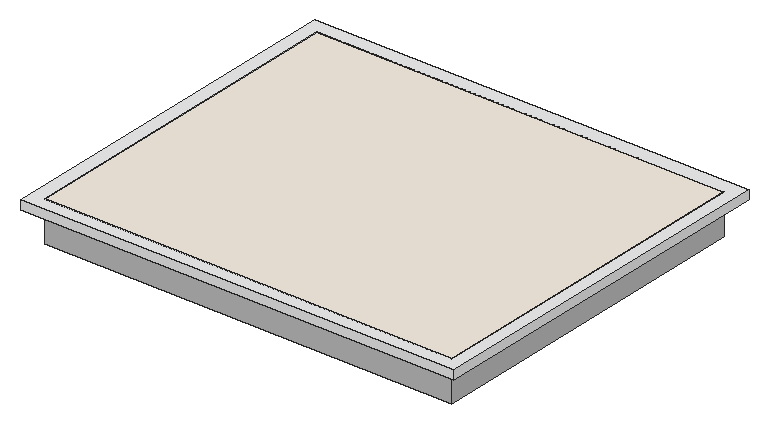
Revit family "Lighting-Industriale-GEWISS-ELIA-HL-LED_RIFLETTORE", category Apparecchi per illuminazione, host Superficie, Revit 2019 (continued)
Types (12, lengths in mm): name | Tensione | Scheda Tecnica | Potenza di sistema | Peso (kg): | Peso (kg) | Ottica | built-in parameter 1150142 | Lumen output (lm) | Modello | IDT | File diagramma fotometrico | Description
  GWF1001QM840 - ELIA HL L2 120° 4000K S.ALONE DALI | "220-240 V " | "https://www.gewiss.com/it/it/search?q=GWF1001QM840" | "200W" | "4,3" | "4,3" | "120°" | "IESNA:LM-63-1995\r\n[TEST] HB25-120-4080-120D-H00115\r\n[DATE] 27 Nov 2019\r\n[MANUFAC] GEWISS\r\n[LUMCAT] GWF1001QM840\r\n[LUMINAIRE] ELIA HL - L2 120° LED840 200W - DALI\r\n[FLASHAREA] 0.013851\r\n[LAMPCAT] LED 200W/28000lm\r\n[LAMP] LED 200W/28000lm\r\nTILT=NONE\r\n1 28000.00 1.0 181 37 1 2 -0.270 0.000 0.000\r\n1.00 1.00 200.00\r\n0.00 0.50 1.00 1.50 2.00 2.50 3.00 3.50 4.00 4.50 5.00 \r\n5.50 6.00 6.50 7.00 7.50 8.00 8.50 9.00 9.50 10.00 10.50 \r\n11.00 11.50 12.00 12.50 13.00 13.50 14.00 14.50 15.00 \r\n15.50 16.00 16.50 17.00 17.50 18.00 18.50 19.00 19.50 \r\n20.00 20.50 21.00 21.50 22.00 22.50 23.00 23.50 24.00 \r\n24.50 25.00 25.50 26.00 26.50 27.00 27.50 28.00 28.50 \r\n29.00 29.50 30.00 30.50 31.00 31.50 32.00 32.50 33.00 \r\n33.50 34.00 34.50 35.00 35.50 36.00 36.50 37.00 37.50 \r\n38.00 38.50 39.00 39.50 40.00 40.50 41.00 41.50 42.00 \r\n42.50 43.00 43.50 44.00 44.50 45.00 45.50 46.00 46.50 \r\n47.00 47.50 48.00 48.50 49.00 49.50 50.00 50.50 51.00 \r\n51.50 52.00 52.50 53.00 53.50 54.00 54.50 55.00 55.50 \r\n56.00 56.50 57.00 57.50 58.00 58.50 59.00 59.50 60.00 \r\n60.50 61.00 61.50 62.00 62.50 63.00 63.50 64.00 64.50 \r\n65.00 65.50 66.00 66.50 67.00 67.50 68.00 68.50 69.00 \r\n69.50 70.00 70.50 71.00 71.50 72.00 72.50 73.00 73.50 \r\n74.00 74.50 75.00 75.50 76.00 76.50 77.00 77.50 78.00 \r\n78.50 79.00 79.50 80.00 80.50 81.00 81.50 82.00 82.50 \r\n83.00 83.50 84.00 84.50 85.00 85.50 86.00 86.50 87.00 \r\n87.50 88.00 88.50 89.00 89.50 90.00 \r\n0.00 2.50 5.00 7.50 10.00 12.50 15.00 17.50 20.00 22.50 \r\n25.00 27.50 30.00 32.50 35.00 37.50 40.00 42.50 45.00 \r\n47.50 50.00 52.50 55.00 57.50 60.00 62.50 65.00 67.50 \r\n70.00 72.50 75.00 77.50 80.00 82.50 85.00 87.50 90.00 \r\n8142.40 8142.40 8145.20 8145.20 8148.00 8148.00 8150.80 \r\n8153.60 8159.20 8162.00 8164.80 8170.40 8176.00 8178.80 \r\n8184.40 8190.00 8198.40 8204.00 8209.60 8218.00 8223.60 \r\n8232.00 8237.60 8246.00 8251.60 8260.00 8268.40 8274.00 \r\n8279.60 8288.00 8293.60 8302.00 8310.40 8318.80 8327.20 \r\n8338.40 8346.80 8358.00 8366.40 8377.60 8388.80 8397.20 \r\n8408.40 8419.60 8430.80 8442.00 8453.20 8464.40 8475.60 \r\n8486.80 8498.00 8509.20 8520.40 8528.80 8540.00 8551.20 \r\n8559.60 8568.00 8576.40 8584.80 8590.40 8596.00 8601.60 \r\n8607.20 8610.00 8612.80 8615.60 8615.60 8615.60 8615.60 \r\n8612.80 8607.20 8601.60 8593.20 8584.80 8573.60 8562.40 \r\n8545.60 8528.80 8512.00 8489.60 8467.20 8442.00 8416.80 \r\n8388.80 8358.00 8327.20 8293.60 8257.20 8220.80 8178.80 \r\n8136.80 8086.40 8030.40 7968.80 7898.80 7817.60 7728.00 \r\n7630.00 7520.80 7406.00 7291.20 7176.40 7061.60 6941.20 \r\n6809.60 6664.00 6498.80 6325.20 6143.20 5958.40 5770.80 \r\n5583.20 5401.20 5222.00 5048.40 4877.60 4706.80 4538.80 \r\n4376.40 4216.80 4057.20 3900.40 3749.20 3600.80 3452.40 \r\n3309.60 3172.40 3038.00 2906.40 2779.00 2653.00 2530.64 \r\n2414.16 2301.04 2187.08 2076.48 1973.44 1874.32 1776.04 \r\n1679.16 1582.28 1487.64 1396.36 1309.56 1229.76 1154.44 \r\n1081.08 1010.80 945.28 882.84 823.20 766.36 712.04 659.96 \r\n611.24 564.20 517.16 472.08 430.08 390.04 351.12 314.72 \r\n282.24 252.39 223.08 195.36 169.82 145.99 123.68 102.84 \r\n83.24 65.60 50.76 38.11 27.21 18.58 12.77 9.31 7.90 8.64 \r\n8142.40 8142.40 8145.20 8145.20 8148.00 8148.00 8150.80 \r\n8153.60 8159.20 8162.00 8164.80 8170.40 8176.00 8178.80 \r\n8184.40 8190.00 8195.60 8204.00 8209.60 8216.60 8223.60 \r\n8232.00 8239.00 8246.00 8253.00 8260.00 8267.00 8274.00 \r\n8281.00 8288.00 8295.00 8302.00 8310.40 8318.80 8327.20 \r\n8338.40 8346.80 8358.00 8366.40 8377.60 8388.80 8400.00 \r\n8411.20 8421.00 8430.80 8442.00 8453.20 8464.40 8475.60 \r\n8486.80 8498.00 8509.20 8520.40 8530.20 8541.40 8551.20 \r\n8561.00 8569.40 8577.80 8586.20 8591.80 8598.80 8604.40 \r\n8608.60 8612.80 8615.60 8617.00 8618.40 8617.00 8617.00 \r\n8614.20 8610.00 8604.40 8596.00 8586.20 8576.40 8563.80 \r\n8548.40 8531.60 8513.40 8493.80 8471.40 8447.60 8419.60 \r\n8391.60 8363.60 8332.80 8299.20 8262.80 8223.60 8184.40 \r\n8139.60 8090.60 8034.60 7973.00 7901.60 7823.20 7735.00 \r\n7637.00 7527.80 7414.40 7299.60 7182.00 7067.20 6945.40 \r\n6813.80 6669.60 6505.80 6329.40 6147.40 5962.60 5775.00 \r\n5587.40 5405.40 5227.60 5052.60 4881.80 4711.00 4544.40 \r\n4380.60 4221.00 4062.80 3907.40 3753.40 3603.60 3458.00 \r\n3315.20 3176.60 3039.40 2907.80 2780.68 2654.96 2532.74 \r\n2416.54 2303.14 2189.32 2078.72 1975.26 1875.16 1776.60 \r\n1679.02 1582.14 1487.22 1395.80 1308.86 1228.64 1152.76 \r\n1079.54 1009.68 944.30 882.42 822.92 766.08 712.04 660.38 \r\n611.38 564.20 517.30 472.22 429.94 389.90 350.84 314.44 \r\n281.96 251.86 222.77 195.30 169.69 145.80 123.52 102.77 \r\n83.23 65.65 50.82 38.19 27.29 18.65 12.89 9.47 8.02 8.67 \r\n8142.40 8142.40 8143.80 8145.20 8148.00 8148.00 8150.80 \r\n8153.60 8157.80 8162.00 8164.80 8170.40 8174.60 8178.80 \r\n8184.40 8190.00 8195.60 8204.00 8209.60 8216.60 8223.60 \r\n8230.60 8239.00 8246.00 8253.00 8261.40 8267.00 8275.40 \r\n8281.00 8289.40 8295.00 8303.40 8311.80 8318.80 8328.60 \r\n8338.40 8349.60 8358.00 8369.20 8377.60 8388.80 8400.00 \r\n8411.20 8422.40 8433.60 8444.80 8456.00 8467.20 8477.00 \r\n8488.20 8499.40 8510.60 8521.80 8531.60 8541.40 8552.60 \r\n8561.00 8570.80 8579.20 8587.60 8593.20 8601.60 8605.80 \r\n8610.00 8614.20 8617.00 8619.80 8619.80 8619.80 8618.40 \r\n8615.60 8611.40 8605.80 8598.80 8589.00 8579.20 8566.60 \r\n8551.20 8535.80 8516.20 8496.60 8474.20 8450.40 8423.80 \r\n8395.80 8366.40 8335.60 8302.00 8265.60 8229.20 8187.20 \r\n8143.80 8093.40 8037.40 7974.40 7904.40 7827.40 7740.60 \r\n7644.00 7534.80 7421.40 7305.20 7187.60 7072.80 6949.60 \r\n6818.00 6672.40 6510.00 6333.60 6151.60 5965.40 5777.80 \r\n5591.60 5409.60 5230.40 5055.40 4884.60 4713.80 4548.60 \r\n4384.80 4226.60 4067.00 3911.60 3757.60 3607.80 3462.20 \r\n3319.40 3179.40 3042.20 2909.20 2781.52 2655.80 2534.14 \r\n2417.94 2304.54 2190.72 2079.84 1975.82 1875.30 1776.18 \r\n1678.46 1581.16 1486.24 1394.68 1307.60 1226.82 1150.66 \r\n1077.44 1008.00 943.04 881.58 822.22 765.66 711.76 660.24 \r\n611.24 563.92 517.02 471.94 429.52 389.48 350.42 313.88 \r\n281.40 251.17 222.29 195.03 169.41 145.45 123.24 102.59 \r\n83.15 65.62 50.83 38.22 27.33 18.73 13.01 9.61 8.13 8.69 \r\n8142.40 8142.40 8142.40 8145.20 8146.60 8148.00 8150.80 \r\n8153.60 8157.80 8160.60 8164.80 8169.00 8174.60 8178.80 \r\n8184.40 8190.00 8195.60 8202.60 8209.60 8216.60 8223.60 \r\n8230.60 8239.00 8246.00 8253.00 8260.00 8268.40 8274.00 \r\n8282.40 8289.40 8296.40 8303.40 8311.80 8320.20 8330.00 \r\n8338.40 8349.60 8358.00 8369.20 8380.40 8390.20 8401.40 \r\n8411.20 8422.40 8433.60 8444.80 8456.00 8467.20 8478.40 \r\n8488.20 8499.40 8510.60 8521.80 8531.60 8542.80 8554.00 \r\n8562.40 8572.20 8580.60 8589.00 8596.00 8603.00 8608.60 \r\n8612.80 8617.00 8619.80 8621.20 8622.60 8622.60 8621.20 \r\n8618.40 8614.20 8608.60 8601.60 8591.80 8582.00 8568.00 \r\n8554.00 8537.20 8519.00 8499.40 8477.00 8453.20 8426.60 \r\n8398.60 8370.60 8339.80 8304.80 8268.40 8232.00 8190.00 \r\n8146.60 8097.60 8040.20 7977.20 7908.60 7831.60 7744.80 \r\n7648.20 7540.40 7427.00 7310.80 7193.20 7075.60 6952.40 \r\n6820.80 6676.60 6511.40 6336.40 6154.40 5966.80 5780.60 \r\n5593.00 5411.00 5231.80 5056.80 4886.00 4718.00 4552.80 \r\n4389.00 4229.40 4071.20 3914.40 3761.80 3609.20 3463.60 \r\n3320.80 3180.80 3043.60 2910.60 2781.52 2656.08 2534.70 \r\n2418.50 2305.10 2191.14 2080.40 1975.82 1874.74 1775.06 \r\n1677.06 1579.62 1484.70 1393.14 1305.92 1224.86 1148.14 \r\n1075.20 1006.18 941.50 880.32 821.24 764.68 710.92 659.82 \r\n610.68 563.22 516.46 471.38 429.10 388.92 349.86 313.32 \r\n280.64 250.40 221.68 194.61 168.98 144.98 122.85 102.33 \r\n82.98 65.52 50.78 38.19 27.35 18.79 13.12 9.74 8.23 8.71 \r\n8142.40 8142.40 8142.40 8145.20 8146.60 8148.00 8150.80 \r\n8153.60 8157.80 8160.60 8164.80 8169.00 8174.60 8178.80 \r\n8184.40 8190.00 8195.60 8202.60 8209.60 8216.60 8225.00 \r\n8230.60 8239.00 8246.00 8254.40 8260.00 8268.40 8274.00 \r\n8282.40 8290.80 8296.40 8304.80 8311.80 8320.20 8330.00 \r\n8339.80 8349.60 8360.80 8369.20 8380.40 8390.20 8401.40 \r\n8412.60 8423.80 8435.00 8446.20 8456.00 8467.20 8478.40 \r\n8489.60 8500.80 8512.00 8523.20 8534.40 8544.20 8555.40 \r\n8563.80 8575.00 8583.40 8590.40 8597.40 8604.40 8610.00 \r\n8615.60 8618.40 8621.20 8624.00 8624.00 8624.00 8624.00 \r\n8621.20 8617.00 8611.40 8604.40 8594.60 8583.40 8570.80 \r\n8555.40 8538.60 8521.80 8500.80 8479.80 8456.00 8430.80 \r\n8402.80 8373.40 8342.60 8309.00 8272.60 8234.80 8194.20 \r\n8149.40 8099.00 8043.00 7980.00 7911.40 7834.40 7749.00 \r\n7652.40 7546.00 7432.60 7315.00 7197.40 7077.00 6953.80 \r\n6820.80 6676.60 6514.20 6339.20 6155.80 5968.20 5780.60 \r\n5594.40 5411.00 5233.20 5058.20 4887.40 4719.40 4555.60 \r\n4391.80 4232.20 4072.60 3917.20 3761.80 3612.00 3465.00 \r\n3322.20 3182.20 3045.00 2910.60 2781.10 2655.66 2534.70 \r\n2418.36 2304.82 2191.00 2079.84 1975.12 1873.62 1773.38 \r\n1675.24 1577.80 1482.88 1391.32 1303.96 1222.48 1145.62 \r\n1072.82 1003.94 939.68 878.78 819.84 763.56 710.08 658.98 \r\n609.98 562.38 515.62 470.54 428.40 388.22 349.16 312.48 \r\n279.78 249.56 220.96 194.04 168.43 144.45 122.40 101.96 \r\n82.74 65.41 50.68 38.12 27.34 18.85 13.23 9.87 8.31 8.72 \r\n8142.40 8142.40 8142.40 8145.20 8146.60 8148.00 8150.80 \r\n8155.00 8157.80 8160.60 8164.80 8169.00 8174.60 8178.80 \r\n8184.40 8190.00 8195.60 8201.20 8209.60 8216.60 8225.00 \r\n8230.60 8239.00 8246.00 8254.40 8261.40 8268.40 8275.40 \r\n8282.40 8290.80 8297.80 8304.80 8313.20 8323.00 8331.40 \r\n8341.20 8351.00 8360.80 8372.00 8381.80 8393.00 8402.80 \r\n8412.60 8423.80 8435.00 8446.20 8457.40 8468.60 8479.80 \r\n8491.00 8502.20 8512.00 8524.60 8535.80 8545.60 8555.40 \r\n8566.60 8575.00 8584.80 8593.20 8598.80 8607.20 8612.80 \r\n8617.00 8621.20 8625.40 8625.40 8628.20 8628.20 8625.40 \r\n8622.60 8619.80 8614.20 8605.80 8597.40 8586.20 8573.60 \r\n8558.20 8542.80 8523.20 8503.60 8482.60 8458.80 8432.20 \r\n8404.20 8376.20 8345.40 8310.40 8274.00 8237.60 8197.00 \r\n8150.80 8101.80 8044.40 7981.40 7914.20 7837.20 7751.80 \r\n7655.20 7550.20 7436.80 7319.20 7198.80 7079.80 6955.20 \r\n6822.20 6676.60 6514.20 6339.20 6155.80 5968.20 5780.60 \r\n5594.40 5412.40 5233.20 5058.20 4887.40 4720.80 4558.40 \r\n4394.60 4232.20 4074.00 3920.00 3764.60 3612.00 3466.40 \r\n3325.00 3183.60 3045.00 2910.60 2780.26 2654.96 2534.14 \r\n2417.94 2304.12 2190.16 2079.00 1973.72 1871.80 1771.56 \r\n1673.00 1575.56 1480.64 1389.22 1301.72 1219.96 1142.96 \r\n1070.30 1001.70 937.72 877.10 818.30 762.16 708.96 658.00 \r\n608.72 561.12 514.64 469.70 427.56 387.38 348.32 311.64 \r\n278.89 248.70 220.19 193.38 167.80 143.85 121.88 101.56 \r\n82.46 65.25 50.55 38.01 27.31 18.90 13.33 9.98 8.39 8.72 \r\n8142.40 8142.40 8142.40 8145.20 8146.60 8148.00 8150.80 \r\n8155.00 8157.80 8160.60 8163.40 8169.00 8174.60 8178.80 \r\n8184.40 8190.00 8195.60 8201.20 8209.60 8216.60 8223.60 \r\n8230.60 8239.00 8246.00 8254.40 8261.40 8268.40 8275.40 \r\n8283.80 8290.80 8299.20 8306.20 8314.60 8323.00 8332.80 \r\n8341.20 8352.40 8362.20 8372.00 8383.20 8393.00 8404.20 \r\n8415.40 8426.60 8437.80 8447.60 8458.80 8470.00 8481.20 \r\n8491.00 8502.20 8514.80 8524.60 8535.80 8547.00 8558.20 \r\n8568.00 8576.40 8586.20 8594.60 8601.60 8608.60 8614.20 \r\n8619.80 8622.60 8626.80 8628.20 8631.00 8629.60 8628.20 \r\n8625.40 8621.20 8615.60 8608.60 8600.20 8589.00 8576.40 \r\n8561.00 8545.60 8526.00 8506.40 8485.40 8461.60 8435.00 \r\n8408.40 8379.00 8346.80 8313.20 8276.80 8239.00 8198.40 \r\n8155.00 8103.20 8045.80 7982.80 7915.60 7840.00 7754.60 \r\n7659.40 7553.00 7438.20 7322.00 7201.60 7079.80 6955.20 \r\n6822.20 6676.60 6514.20 6339.20 6155.80 5966.80 5780.60 \r\n5593.00 5411.00 5233.20 5058.20 4887.40 4722.20 4559.80 \r\n4396.00 4233.60 4076.80 3920.00 3764.60 3613.40 3467.80 \r\n3325.00 3183.60 3045.00 2910.60 2779.00 2653.98 2533.30 \r\n2416.96 2302.86 2188.90 2077.60 1972.04 1869.84 1769.32 \r\n1670.62 1573.18 1478.40 1386.98 1299.48 1217.58 1140.16 \r\n1067.64 999.46 935.62 875.28 816.62 760.62 707.56 656.88 \r\n607.46 559.86 513.38 468.86 426.72 386.54 347.48 310.80 \r\n278.03 247.81 219.41 192.68 167.15 143.23 121.34 101.12 \r\n82.17 65.07 50.41 37.88 27.28 18.96 13.43 10.09 8.47 8.71 \r\n8142.40 8142.40 8142.40 8145.20 8146.60 8148.00 8150.80 \r\n8155.00 8157.80 8160.60 8163.40 8169.00 8174.60 8177.40 \r\n8183.00 8190.00 8195.60 8201.20 8209.60 8216.60 8223.60 \r\n8232.00 8239.00 8246.00 8254.40 8261.40 8269.80 8275.40 \r\n8283.80 8292.20 8299.20 8307.60 8314.60 8324.40 8332.80 \r\n8344.00 8352.40 8363.60 8373.40 8384.60 8394.40 8405.60 \r\n8415.40 8426.60 8437.80 8449.00 8460.20 8470.00 8481.20 \r\n8493.80 8503.60 8514.80 8527.40 8538.60 8548.40 8559.60 \r\n8568.00 8579.20 8587.60 8596.00 8604.40 8611.40 8617.00 \r\n8622.60 8626.80 8629.60 8632.40 8632.40 8632.40 8631.00 \r\n8628.20 8624.00 8618.40 8611.40 8601.60 8590.40 8579.20 \r\n8562.40 8547.00 8527.40 8509.20 8486.80 8464.40 8439.20 \r\n8411.20 8381.80 8351.00 8316.00 8279.60 8241.80 8199.80 \r\n8156.40 8104.60 8047.20 7984.20 7915.60 7841.40 7756.00 \r\n7660.80 7555.80 7442.40 7324.80 7203.00 7081.20 6955.20 \r\n6820.80 6675.20 6512.80 6337.80 6154.40 5965.40 5779.20 \r\n5591.60 5411.00 5231.80 5056.80 4887.40 4722.20 4559.80 \r\n4396.00 4233.60 4076.80 3921.40 3766.00 3613.40 3467.80 \r\n3325.00 3183.60 3045.00 2909.20 2777.74 2652.72 2532.32 \r\n2415.56 2301.18 2187.22 2075.92 1970.22 1867.74 1767.08 \r\n1668.24 1570.80 1476.16 1384.74 1297.38 1215.20 1137.64 \r\n1065.12 997.08 933.66 873.32 814.94 758.94 706.16 655.62 \r\n606.20 558.46 512.12 467.88 425.88 385.56 346.64 309.96 \r\n277.16 246.99 218.61 191.94 166.47 142.63 120.82 100.69 \r\n81.87 64.90 50.25 37.74 27.23 19.01 13.53 10.20 8.54 8.71 \r\n8142.40 8142.40 8142.40 8145.20 8146.60 8148.00 8150.80 \r\n8155.00 8157.80 8160.60 8163.40 8169.00 8173.20 8177.40 \r\n8183.00 8188.60 8195.60 8201.20 8209.60 8216.60 8223.60 \r\n8232.00 8240.40 8247.40 8255.80 8261.40 8269.80 8276.80 \r\n8283.80 8292.20 8300.60 8307.60 8316.00 8325.80 8335.60 \r\n8344.00 8353.80 8365.00 8376.20 8386.00 8395.80 8405.60 \r\n8416.80 8428.00 8439.20 8450.40 8461.60 8472.80 8484.00 \r\n8493.80 8505.00 8516.20 8527.40 8538.60 8549.80 8559.60 \r\n8570.80 8580.60 8590.40 8598.80 8605.80 8614.20 8619.80 \r\n8624.00 8628.20 8632.40 8635.20 8635.20 8635.20 8633.80 \r\n8631.00 8626.80 8621.20 8612.80 8604.40 8593.20 8580.60 \r\n8565.20 8549.80 8530.20 8512.00 8489.60 8467.20 8440.60 \r\n8412.60 8383.20 8351.00 8316.00 8281.00 8241.80 8202.60 \r\n8156.40 8106.00 8048.60 7984.20 7917.00 7842.80 7757.40 \r\n7662.20 7557.20 7445.20 7326.20 7204.40 7081.20 6953.80 \r\n6819.40 6673.80 6511.40 6336.40 6153.00 5964.00 5776.40 \r\n5590.20 5409.60 5229.00 5055.40 4884.60 4720.80 4561.20 \r\n4397.40 4233.60 4075.40 3921.40 3766.00 3613.40 3467.80 \r\n3326.40 3183.60 3045.00 2909.20 2776.48 2651.46 2531.20 \r\n2414.16 2299.50 2185.40 2074.10 1968.40 1865.64 1764.70 \r\n1665.86 1568.56 1473.92 1382.64 1295.28 1212.82 1135.26 \r\n1062.74 994.98 931.70 871.50 813.26 757.40 704.76 654.22 \r\n604.94 557.06 511.14 466.90 424.90 384.72 345.80 309.12 \r\n276.37 246.22 217.85 191.23 165.83 142.06 120.30 100.25 \r\n81.58 64.72 50.09 37.59 27.18 19.07 13.63 10.30 8.60 8.70 \r\n8142.40 8142.40 8142.40 8145.20 8146.60 8148.00 8150.80 \r\n8153.60 8156.40 8160.60 8163.40 8169.00 8173.20 8177.40 \r\n8183.00 8188.60 8195.60 8201.20 8209.60 8216.60 8223.60 \r\n8232.00 8240.40 8247.40 8255.80 8261.40 8269.80 8278.20 \r\n8285.20 8292.20 8300.60 8310.40 8317.40 8325.80 8335.60 \r\n8345.40 8356.60 8365.00 8376.20 8387.40 8397.20 8408.40 \r\n8418.20 8428.00 8440.60 8451.80 8463.00 8472.80 8484.00 \r\n8495.20 8506.40 8517.60 8530.20 8540.00 8551.20 8562.40 \r\n8573.60 8582.00 8591.80 8600.20 8608.60 8615.60 8622.60 \r\n8626.80 8631.00 8635.20 8636.60 8638.00 8638.00 8635.20 \r\n8632.40 8629.60 8624.00 8615.60 8607.20 8596.00 8582.00 \r\n8568.00 8551.20 8533.00 8512.00 8492.40 8468.60 8442.00 \r\n8415.40 8384.60 8353.80 8318.80 8281.00 8244.60 8204.00 \r\n8157.80 8106.00 8048.60 7985.60 7918.40 7844.20 7758.80 \r\n7665.00 7560.00 7445.20 7326.20 7204.40 7081.20 6953.80 \r\n6818.00 6671.00 6507.20 6333.60 6150.20 5962.60 5775.00 \r\n5588.80 5406.80 5229.00 5054.00 
